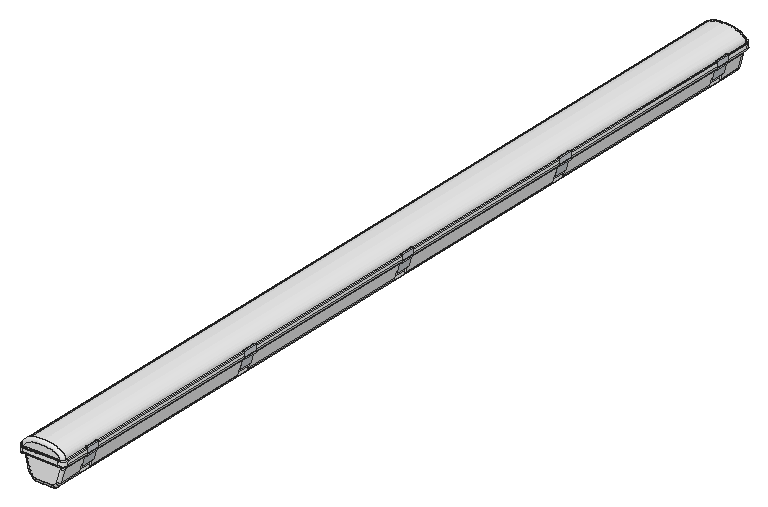
Revit family "0048833 Feilo Sylvania Lighting Fixture HYDROPROOF LED G3 1500MM S 4K QC D", category Lighting Fixtures, host Face, Revit 2016
Family settings
  Host = Face
  Part Type = Normal
  Round Connector Dimension = Use Diameter
  OmniClass Number = 23.80.70.11.14
  OmniClass Title = General Luminaries, Directional
  Cut with Voids When Loaded = No
  Light Source = Yes
  Shared = No
  Room Calculation Point = No
Parameters (values of type "0048833 HYDROPROOF LED G3 1500MM S 4K QC D")
  Width = 84 mm
  Weight = "2.33 kg"
  Wattage Comments = "n/a"
  Wattage = 31 W
  WarrantyStartDate [instance] = "n/a"
  WarrantyGuarantorParts = "n/a"
  WarrantyDurationUnit = "n/a"
  WarrantyDurationParts = "n/a"
  WarrantyDescription = "n/a"
  built-in parameter 1150110 = 1 (stored number, unit not read)
  Voltage = 230 V
  URL = "http://www.sylvania-lighting.com"
  TypeName = "HYDROPROOF LED G3 1500MM S 4K QC D"
  Type Image = <None>
  Type Comments = "n/a"
  built-in parameter 1114217 = 1 (stored number, unit not read)
  Tilt Angle = -90.00°
  built-in parameter 1150109 = 1 (stored number, unit not read)
  built-in parameter 1150134 = 12
  built-in parameter 1150113 = 1 (stored number, unit not read)
  SerialNumber [instance] = "n/a"
  ReflectorMaterial = none
  PowerFactor = 0
  PowerConsumption = "31 W"
  Photometric Web File = "0048833.ies"
  NominalWidth = 0 mm
  NominalLength = 1578 mm
  NominalHeight = 75 mm
  Name = "HYDROPROOF LED G3 1500MM S 4K QC D"
  ModelReference = "HYDROPROOF LED G3 1500MM S 4K QC D"
  ModelNumber = "0048833"
  Model = "HYDROPROOF LED G3 1500MM S 4K QC D"
  Material = "grp housing, pmma diffuser"
  ManufacturerName = "Feilo Sylvania"
  Manufacturer = "Feilo Sylvania"
  LuminousEfficacy = "160 lm/W"
  built-in parameter 1150105 = 394.7 (stored number, unit not read)
  Lumens = 4960 lm
  LuminaireType = ""
  built-in parameter 1150115 = 1 (stored number, unit not read)
  LightOutputRatio = "n/a"
  built-in parameter 1150137 = (empty or 0)
  built-in parameter 1150139 = (empty or 0)
  Length = 1572 mm
  LampsType = Lamp  # "LED"
  LampNominalLuminous = "4950 lm"
  LampMacAdamStep = "3"
  LampColourTemperature = "4000 K"
  LampColourRenderingIndex = "80"
  built-in parameter 1150112 = 1 (stored number, unit not read)
  built-in parameter 1150114 = 1 (stored number, unit not read)
  Lamp = "LED"
  Keynote = "16500"
  InstallationDate [instance] = "n/a"
  InputVoltage = "220-240V~"
  InputNominalFrequency = "DC/50/60 Hz"
  built-in parameter 1150132 = (empty or 0)
  built-in parameter 1150102 = (empty or 0)
  built-in parameter 1150107 = 4000 (stored number, unit not read)
  built-in parameter 1150138 = (empty or 0)
  IngressProtection = "IP65"
  ImpactProtectionIndex = "IK02"
  built-in parameter 1150106 = 3.947 (stored number, unit not read)
  IfcExportType = "IfcLightFixtureType"
  IfcExportAs = "IfcLightFixtureType"
  ExpectedLife = 50000
  Emit from Rectangle Width = Width - 20 mm  # 64 mm
  Emit from Rectangle Length = Length - 20 mm  # 1552 mm
  Emit Shape Visible in Rendering = no
  ElectricShockClassification = "Class I"
  built-in parameter 1150104 = 14.864 (stored number, unit not read)
  DurationUnit = "hours"
  DocumentationLiterature = "http://www.sylvania-lighting.com/product/en-int/products/0048833"
  DimmingControlOptions = "Dimmable"
  Dimming Lamp Color Temperature Shift = <None>
  DiffuserMaterial = Diffuser-Sylvania-Transparent
  Description = "Hydroproof, integrated LED chemical resistant weatherproof luminaire with quick connector, with UV stabilized flat diffuser and linear prisms designed to achieve uniform lit appearance, optimise light output and to reduce glare, stainless steel diffuser clips and fixing brackets for surface and wall mounting. L 1578 mm x W 84 mm x H 75 mm size, GRP housing, PMMA diffuser, DALI dimmable, 4000K, CRI80,  4950 lm, 31 W, 160 lm/W, nominal average life (h):50000, energy class: A++ A+ A Class I,IK02, IP65."
  Default Elevation = 1219.2 mm
  CreatedOn = "3/27/2018"
  CreatedBy = "aron.fodor@feilosylvania.com"
  Cost = 0
  Color Filter = 16777215
  built-in parameter 1114216 [instance] = (empty or 0)
  ClassificationValue = "EF_70_80"
  ClassificationName = "Uniclass2015"
  BodyMaterial = Body-Sylvania-Gray
  BarCode [instance] = "n/a"
  built-in parameter 1114218 = 1 (stored number, unit not read)
  built-in parameter 1150133 = 10 (stored number, unit not read)
  AssetType = "Fixed"
  AssetIdentifier [instance] = "n/a"
  Assembly Code = "D5020200"
  Apparent Load = 31 VA
  AccessoryMaterial = Diffuser-Sylvania-Glow
Reference planes
  plane 1 "Center (Front/Back)": y = 0
  plane 2: z = 0
  plane 3 "Center (Left/Right)": x = 0
  plane 4: z = 54
  plane 5: x = -14.7
  plane 6: x = -21.8
  plane 7: x = -26.6
  plane 8: x = -29.2
  plane 9: z = 3
  plane 10: z = 7.8
  plane 11: z = 12.3
  plane 12: z = 36.6
  plane 13: z = 42.8
  plane 14: x = -38.1
  plane 15: z = 46.2
  plane 16: x = -42
  plane 17: y = 786
  plane 18: y = -786
  plane 19: x = 14.7
  plane 20: x = 21.8
  plane 21: x = 26.6
  plane 22: x = 29.2
  plane 23: x = 38.1
  plane 24: x = 42
  plane 25: y = 778.4
  plane 26: y = -778.4
  plane 27: y = -774.7
  plane 28: y = 774.7
  plane 29: z = 74
  plane 30: x = -38.5
  plane 31: x = 38.5
  plane 32: z = 55.2
  plane 33: y = -782.5
  plane 34: y = 782.5
  plane 35: x = -24.5
  plane 36: x = 24.5
  plane 37: x = -35.7
  plane 38: x = 35.7
  plane 39: z = 50.2
  plane 40: z = 24.6
  plane 41: y = -720
  plane 42: y = -734
  plane 43: y = -706
  plane 44: y = 720
  plane 45: y = -720
  plane 46: y = -734
  plane 47: y = -706
  plane 48: y = 720
  plane 49: y = 706
  plane 50: y = 734
  plane 51: y = -360
  plane 52: y = -374
  plane 53: y = -346
  plane 54: y = 0
  plane 55: y = -14
  plane 56: y = 14
  plane 57: y = 360
  plane 58: y = 346
  plane 59: y = 374
Forms (mm)
  Sweep 1, solid, material "Body-Sylvania-Gray" <- "BodyMaterial", detail levels medium+fine
    path origin (1223.4, -4572, 54) x (0, -1, 0) y (1, 0, 0)
      loop
        arc (-3796, -1265.4) -> (-3788.929, -1262.471) -> (-3786, -1255.4) r 10
        line (-3786, -1255.4) -> (-3786, -1191.4)
        arc (-3786, -1191.4) -> (-3788.929, -1184.329) -> (-3796, -1181.4) r 10
        line (-3796, -1181.4) -> (-5348, -1181.4)
        arc (-5348, -1181.4) -> (-5355.071, -1184.329) -> (-5358, -1191.4) r 10
        line (-5358, -1191.4) -> (-5358, -1255.4)
        arc (-5358, -1255.4) -> (-5355.071, -1262.471) -> (-5348, -1265.4) r 10
        line (-5348, -1265.4) -> (-3796, -1265.4)
    profile origin (-42, 0, 54) x (-1, 0, 0) y (0, 0, 1)
      loop
        line (0, 0) -> (-1, 0) -> (-1, -7.726)
        arc (-1, -7.726) -> (-1.994, -9.498) -> (-3.9, -10.2) r 2.937
        line (-3.9, -10.2) -> (-8.571, -10.2) -> (-8.571, -11.2) -> (-3.9, -11.2)
        arc (-3.9, -11.2) -> (-1.313, -10.231) -> (0, -7.8) r 3.937
        line (0, -7.8) -> (0, 0)
  Sweep 2, solid, material "Body-Sylvania-Gray" <- "BodyMaterial", detail levels medium+fine
    path origin (0, 0, 0) x (1, 0, 0) y (0, 0, 1)
      loop
        line (35.7, 42.8) -> (35.7, 36.6) -> (29.203, 12.31)
        arc (29.203, 12.31) -> (28.199, 9.884) -> (26.6, 7.8) r 10.052
        line (26.6, 7.8) -> (21.8, 3)
        arc (21.8, 3) -> (18.554, 0.781) -> (14.7, 0) r 9.902
        line (14.7, 0) -> (0, 0) -> (-14.7, 0)
        arc (-14.7, 0) -> (-18.554, 0.781) -> (-21.8, 3) r 9.902
        line (-21.8, 3) -> (-26.6, 7.8)
        arc (-26.6, 7.8) -> (-28.199, 9.884) -> (-29.203, 12.31) r 10.052
        line (-29.203, 12.31) -> (-35.7, 36.6) -> (-35.7, 42.8)
    profile origin (0, 0, 0) x (0, 0, -1) y (0, -1, 0)
      loop
        arc (0, 773.4) -> (-1.464, 776.936) -> (-5, 778.4) r 5
        line (-5, 778.4) -> (-7.8, 778.4) -> (-7.8, -778.4) -> (-5, -778.4)
        arc (-5, -778.4) -> (-1.464, -776.936) -> (0, -773.4) r 5
        line (0, -773.4) -> (0, 773.4)
  Extrusion 3, solid, material "Body-Sylvania-Gray" <- "BodyMaterial", detail levels medium+fine
    sketch origin (1524, 778.4, 1219.2) x (1, 0, 0) y (0, 0, 1)
      loop
        arc (-1545.668, -1204.874) -> (-1545.443, -1205.418) -> (-1545.085, -1205.885) r 2.252
        line (-1545.085, -1205.885) -> (-1540.231, -1210.738)
        arc (-1540.231, -1210.738) -> (-1539.534, -1211.227) -> (-1538.7, -1211.4) r 2.102
        line (-1538.7, -1211.4) -> (-1509.3, -1211.4)
        arc (-1509.3, -1211.4) -> (-1508.466, -1211.227) -> (-1507.769, -1210.738) r 2.102
        line (-1507.769, -1210.738) -> (-1502.915, -1205.885)
        arc (-1502.915, -1205.885) -> (-1502.557, -1205.418) -> (-1502.332, -1204.874) r 2.252
        line (-1502.332, -1204.874) -> (-1496.1, -1181.575) -> (-1496.1, -1176.4) -> (-1551.9, -1176.4) -> (-1551.9, -1181.575) -> (-1545.668, -1204.874)
    from 0 to 1556.8
  Sweep 4, solid, material "Diffuser-Sylvania-Transparent" <- "DiffuserMaterial", detail levels medium+fine
    path origin (0, 0, 0) x (1, 0, 0) y (0, 0, 1)
      loop
        spline (-38.5, 55.2) -> (-37.188, 60.066) -> (-33.342, 64.6) -> (-27.224, 68.494) -> (-19.25, 71.481) -> (-9.965, 73.359) -> (0, 74) -> (9.965, 73.359) -> (19.25, 71.481) -> (27.224, 68.494) -> (33.342, 64.6) -> (37.188, 60.066) -> (38.5, 55.2)
    profile origin (38.5, 0, 55.2) x (0, -1, 0) y (1, 0, 0)
      loop
        arc (782.5, -5.5) -> (780.889, -1.611) -> (777, 0) r 5.5
        line (777, 0) -> (-777, 0)
        arc (-777, 0) -> (-780.889, -1.611) -> (-782.5, -5.5) r 5.5
        line (-782.5, -5.5) -> (-782.5, -6.3) -> (-781.5, -6.3) -> (-781.5, -5.5)
        arc (-781.5, -5.5) -> (-780.182, -2.318) -> (-777, -1) r 4.5
        line (-777, -1) -> (777, -1)
        arc (777, -1) -> (780.182, -2.318) -> (781.5, -5.5) r 4.5
        line (781.5, -5.5) -> (781.5, -6.347) -> (782.5, -6.347) -> (782.5, -5.5)
  Extrusion 5, solid, material "Diffuser-Sylvania-Transparent" <- "DiffuserMaterial", detail levels medium+fine
    sketch origin (1524, -782.5, 1219.2) x (1, 0, 0) y (0, 0, 1)
      loop
        line (-1556.653, -1164) -> (-1491.347, -1164)
        spline (-1491.347, -1164) -> (-1491.939, -1161.945) -> (-1494.434, -1159.066) -> (-1499.342, -1155.96) -> (-1506.338, -1153.35) -> (-1514.799, -1151.648) -> (-1524, -1151.047) -> (-1533.201, -1151.648) -> (-1541.662, -1153.35) -> (-1548.658, -1155.96) -> (-1553.566, -1159.066) -> (-1556.061, -1161.945) -> (-1556.653, -1164)
    from 0 to -1
  Extrusion 6, solid, material "Diffuser-Sylvania-Transparent" <- "DiffuserMaterial", detail levels medium+fine
    sketch origin (1524, 782.5, 1219.2) x (1, 0, 0) y (0, 0, 1)
      loop
        spline (-1491.3, -1164) -> (-1491.898, -1161.922) -> (-1494.404, -1159.03) -> (-1499.322, -1155.918) -> (-1506.325, -1153.305) -> (-1514.793, -1151.602) -> (-1524, -1151) -> (-1533.207, -1151.602) -> (-1541.675, -1153.305) -> (-1548.678, -1155.918) -> (-1553.596, -1159.03) -> (-1556.102, -1161.922) -> (-1556.7, -1164)
        line (-1556.7, -1164) -> (-1491.3, -1164)
    from 0 to 1
  Extrusion 7, solid, material "Diffuser-Sylvania-Glow" <- "AccessoryMaterial", detail levels fine
    sketch origin (0, 0, 0) x (1, 0, 0) y (0, 0, 1)
      loop
        circle (0, 50.2) r 8
    from -774.7 to 774.7
  Extrusion 8, void
    sketch origin (0, -720, 2343.807) x (0, 0, -1) y (-1, 0, 0)
      loop
        line (2340.807, -24.5) -> (2331.507, -24.5) -> (2319.207, -29.2) -> (2319.207, -35.7) -> (2340.807, -35.7) -> (2340.807, -24.5)
      loop
        line (2340.807, 24.5) -> (2340.807, 35.7) -> (2319.207, 35.7) -> (2319.207, 29.2) -> (2331.507, 24.5) -> (2340.807, 24.5)
    from 14 to -14
  Extrusion 9, void, not visible
    sketch origin (0, -720, 2343.807) x (0, 0, -1) y (-1, 0, 0)
      loop
        line (2340.807, -24.5) -> (2331.507, -24.5) -> (2319.207, -29.2) -> (2319.207, -35.7) -> (2340.807, -35.7) -> (2340.807, -24.5)
      loop
        line (2340.807, 24.5) -> (2340.807, 35.7) -> (2319.207, 35.7) -> (2319.207, 29.2) -> (2331.507, 24.5) -> (2340.807, 24.5)
    from 14 to -14
  Extrusion 10, void
    sketch origin (0, 720, 2343.807) x (0, 0, -1) y (-1, 0, 0)
      loop
        line (2340.807, -24.5) -> (2331.507, -24.5) -> (2319.207, -29.2) -> (2319.207, -35.7) -> (2340.807, -35.7) -> (2340.807, -24.5)
      loop
        line (2340.807, 24.5) -> (2340.807, 35.7) -> (2319.207, 35.7) -> (2319.207, 29.2) -> (2331.507, 24.5) -> (2340.807, 24.5)
    from 14 to -14
  Extrusion 11, void
    sketch origin (0, -360, 2343.807) x (0, 0, -1) y (-1, 0, 0)
      loop
        line (2340.807, -24.5) -> (2331.507, -24.5) -> (2319.207, -29.2) -> (2319.207, -35.7) -> (2340.807, -35.7) -> (2340.807, -24.5)
      loop
        line (2340.807, 24.5) -> (2340.807, 35.7) -> (2319.207, 35.7) -> (2319.207, 29.2) -> (2331.507, 24.5) -> (2340.807, 24.5)
    from 14 to -14
  Extrusion 12, void
    sketch origin (0, 0, 2343.807) x (0, 0, -1) y (-1, 0, 0)
      loop
        line (2340.807, -24.5) -> (2331.507, -24.5) -> (2319.207, -29.2) -> (2319.207, -35.7) -> (2340.807, -35.7) -> (2340.807, -24.5)
      loop
        line (2340.807, 24.5) -> (2340.807, 35.7) -> (2319.207, 35.7) -> (2319.207, 29.2) -> (2331.507, 24.5) -> (2340.807, 24.5)
    from 14 to -14
  Extrusion 13, void
    sketch origin (0, 360, 2343.807) x (0, 0, -1) y (-1, 0, 0)
      loop
        line (2340.807, -24.5) -> (2331.507, -24.5) -> (2319.207, -29.2) -> (2319.207, -35.7) -> (2340.807, -35.7) -> (2340.807, -24.5)
      loop
        line (2340.807, 24.5) -> (2340.807, 35.7) -> (2319.207, 35.7) -> (2319.207, 29.2) -> (2331.507, 24.5) -> (2340.807, 24.5)
    from 14 to -14
  Extrusion 14, solid, material "Diffuser-Sylvania-Transparent" <- "DiffuserMaterial", detail levels medium+fine
    sketch origin (1223.4, -4572, 54) x (0, -1, 0) y (-1, 0, 0)
      loop
        arc (-5348, 1265.4) -> (-5355.071, 1262.471) -> (-5358, 1255.4) r 10
        line (-5358, 1255.4) -> (-5358, 1191.4)
        arc (-5358, 1191.4) -> (-5355.071, 1184.329) -> (-5348, 1181.4) r 10
        line (-5348, 1181.4) -> (-3796, 1181.4)
        arc (-3796, 1181.4) -> (-3788.929, 1184.329) -> (-3786, 1191.4) r 10
        line (-3786, 1191.4) -> (-3786, 1255.4)
        arc (-3786, 1255.4) -> (-3788.929, 1262.471) -> (-3796, 1265.4) r 10
        line (-3796, 1265.4) -> (-5348, 1265.4)
      loop
        arc (-5354.5, 1190.394) -> (-5352.887, 1186.509) -> (-5349, 1184.9) r 5.5
        line (-5349, 1184.9) -> (-3795, 1184.9)
        arc (-3795, 1184.9) -> (-3791.113, 1186.509) -> (-3789.5, 1190.394) r 5.5
        line (-3789.5, 1190.394) -> (-3789.5, 1256.406)
        arc (-3789.5, 1256.406) -> (-3791.113, 1260.291) -> (-3795, 1261.9) r 5.5
        line (-3795, 1261.9) -> (-5349, 1261.9)
        arc (-5349, 1261.9) -> (-5352.887, 1260.291) -> (-5354.5, 1256.406) r 5.5
        line (-5354.5, 1256.406) -> (-5354.5, 1190.394)
    from 0 to -1.2
  Extrusion 15, solid, material "Body-Sylvania-Gray" <- "BodyMaterial", detail levels coarse
    sketch origin (0, 0, 0) x (1, 0, 0) y (0, 0, 1)
      loop
        line (-42, 55.2) -> (-42, 42.8) -> (-26.6, 0) -> (26.6, 0) -> (42, 42.8) -> (42, 55.2) -> (-42, 55.2)
    from -786 to 786
  Extrusion 16, solid, material "Diffuser-Sylvania-Transparent" <- "DiffuserMaterial", detail levels coarse
    sketch origin (0, 0, 0) x (1, 0, 0) y (0, 0, 1)
      loop
        line (-38.5, 55.2) -> (38.5, 55.2)
        arc (38.5, 55.2) -> (0, 74) -> (-38.5, 55.2) r 48.822
    from -778.4 to 778.4
Cuts and joins
  Extrusion 8, Extrusion 10, Extrusion 11, Extrusion 12, Extrusion 13 cuts Sweep 2
  Extrusion 8, Extrusion 10, Extrusion 11, Extrusion 12, Extrusion 13 cuts Extrusion 3
  joined: Sweep 2, Extrusion 3
  joined: Sweep 4, Extrusion 5, Extrusion 6, Extrusion 14
Dimensions and locks
  locked: plane 4 to plane 2 at 54
  plane 5 to plane 6 to plane 7 to plane 8 to plane 14 to plane 16 = 7.1 mm locked, 4.8 mm locked, 2.6 mm locked, 8.9 mm locked, 3.9 mm locked
  plane 4 to plane 15 to plane 13 to plane 12 to plane 11 to plane 10 to plane 9 = 7.8 mm locked, 3.4 mm, 6.2 mm locked, 24.3 mm locked, 4.5 mm locked, 4.8 mm locked
  equal spacing: plane 18, plane 1 "Center (Front/Back)", plane 17
  "Length": plane 18 to plane 17
  plane 19 to plane 20 to plane 21 to plane 22 to plane 23 to plane 24 = 7.1 mm locked, 4.8 mm locked, 2.6 mm locked, 8.9 mm, 3.9 mm
  equal spacing: plane 24, plane 3 "Center (Left/Right)", plane 16
  "Width": plane 24 to plane 16
  equal spacing: plane 27, plane 1 "Center (Front/Back)", plane 28
  locked: plane 26 to plane 27 at 3.7
  locked: Sweep 1 sketch curve to profile plane at 1
  locked: Sweep 1 sketch curve to plane 13 at 1
  locked: Sweep 1 sketch curve to plane 13 at 3.937  (x2)
  locked: Sweep 1 sketch curve to profile plane at 3.9  (x2)
  plane 29 to plane 4 = 20 mm
  equal spacing: plane 31, plane 3 "Center (Left/Right)", plane 30
  locked: plane 30 to plane 16 at 3.5
  locked: plane 32 to plane 4 at 1.2
  equal spacing: plane 33, plane 1 "Center (Front/Back)", plane 34
  equal spacing: plane 36, plane 3 "Center (Left/Right)", plane 35
  locked: plane 34 to plane 17 at 3.5
  equal spacing: plane 38, plane 3 "Center (Left/Right)", plane 37
  locked: plane 37 to plane 16 at 6.3
  equal spacing: plane 25, plane 1 "Center (Front/Back)", plane 26
  locked: plane 17 to plane 25 at 7.6
  locked: Sweep 2 sketch curve to plane 2 at 5  (x2)
  locked: Sweep 2 sketch curve to plane 26 at 5
  locked: plane 25 to Sweep 2 sketch curve at 5
  locked: Sweep 4 sketch curve to plane 31 at 5.5  (x2)
  locked: Sweep 4 sketch curve to plane 34 at 5.5
  plane 33 to Sweep 4 sketch curve = 5.5 mm
  locked: plane 34 to Sweep 4 sketch curve at 1
  locked: Sweep 4 sketch curve to plane 31 at 1
  locked: Sweep 4 sketch curve to Sweep 4 sketch curve at 1
  locked: Sweep 4 sketch curve to plane 31 at 6.347
  locked: Sweep 4 sketch curve to plane 31 at 6.3
  locked: plane 40 to plane 2 at 24.6
  locked: plane 6 to plane 35 at 2.7
  locked: plane 1 "Center (Front/Back)" to plane 41 at 720
  plane 43 to plane 41 to plane 42 = 14 mm locked, 14 mm locked
  locked: plane 44 to plane 1 "Center (Front/Back)" at 720
  plane 47 to plane 45 to plane 46 = 14 mm locked, 14 mm locked
  plane 50 to plane 48 to plane 49 = 14 mm locked, 14 mm locked  (x2)
  equal spacing: group 1, group 6, group 7, group 8, group 5  (x3)
  plane 53 to plane 51 to plane 52 = 14 mm locked, 14 mm locked  (x2)
  plane 56 to plane 54 to plane 55 = 14 mm locked, 14 mm locked  (x2)
  plane 59 to plane 57 to plane 58 = 14 mm locked, 14 mm locked  (x2)
  plane 48 to plane 57 to plane 1 "Center (Front/Back)" to plane 51 to plane 41 = 360 mm locked, 360 mm locked, 360 mm locked, 360 mm locked
  aligned and locked: plane 2 to host face
  aligned and locked: level to host face
  aligned and locked: plane 16 to Sweep 1 sketch curve
  aligned and locked: Sweep 1 sketch curve to plane 24
  aligned and locked: plane 18 to Sweep 1 sketch curve
  aligned and locked: Sweep 1 sketch curve to plane 13
  aligned and locked: profile plane to Sweep 1 sketch curve
  aligned and locked: plane 3 "Center (Left/Right)" to Sweep 2 sketch curve
  aligned and locked: plane 9 to Sweep 2 sketch curve
  aligned and locked: plane 10 to Sweep 2 sketch curve
  aligned and locked: plane 37 to Sweep 2 sketch curve
  aligned and locked: plane 12 to Sweep 2 sketch curve
  aligned and locked: Sweep 2 sketch curve to level
  aligned and locked: plane 21 to Sweep 2 sketch curve
  aligned and locked: plane 38 to Sweep 2 sketch curve
  aligned and locked: profile plane to Sweep 2 sketch curve
  aligned and locked: plane 25 to Sweep 2 sketch curve
  aligned and locked: Sweep 2 sketch curve to plane 10
  aligned and locked: Extrusion 3 sketch curve to Sweep 2  (x7)
  aligned and locked: Sweep 2 to Extrusion 3 sketch curve
  aligned and locked: Extrusion 3 to plane 25
  aligned and locked: plane 26 to Extrusion 3
  aligned and locked: plane 32 to Sweep 4 sketch curve
  aligned and locked: plane 33 to Sweep 4 sketch curve
  aligned and locked: Sweep 4 to Extrusion 5
  aligned and locked: plane 33 to Extrusion 5
  aligned and locked: plane 39 to Extrusion 7 sketch curve
  aligned and locked: plane 27 to Extrusion 7
  aligned and locked: Extrusion 7 to plane 28
  aligned and locked: Extrusion 6 sketch curve to Sweep 4
  aligned and locked: Extrusion 5 sketch curve to Sweep 4
  aligned and locked: Extrusion 8 to plane 43
  aligned and locked: plane 42 to Extrusion 8
  aligned and locked: Extrusion 10 to plane 50
  aligned and locked: plane 49 to Extrusion 10
  aligned and locked: Extrusion 11 to plane 53
  aligned and locked: plane 52 to Extrusion 11
  aligned and locked: Extrusion 12 to plane 56
  aligned and locked: plane 55 to Extrusion 12
  aligned and locked: Extrusion 13 to plane 59
  aligned and locked: plane 58 to Extrusion 13
  aligned and locked: plane 3 "Center (Left/Right)" to Extrusion 7 sketch curve
  aligned and locked: Extrusion 14 sketch curve to Sweep 1  (x4)
  aligned and locked: Extrusion 14 to plane 32
  aligned and locked: plane 4 to Extrusion 14
  aligned and locked: plane 48 to nested 1
  aligned and locked: plane 57 to nested 2
  aligned and locked: plane 54 to nested 3
  aligned and locked: nested 4 to plane 51
  aligned and locked: nested 5 to plane 41
  aligned and locked: plane 41 to nested 10
  aligned and locked: plane 51 to nested 9
  aligned and locked: plane 54 to nested 8
  aligned and locked: plane 57 to nested 7
  aligned and locked: plane 48 to nested 6
  aligned and locked: plane 1 "Center (Front/Back)" to imposter light
  aligned and locked: plane 3 "Center (Left/Right)" to imposter light
  aligned and locked: imposter light to plane 29
  aligned and locked: plane 7 to Extrusion 15 sketch curve
  aligned and locked: plane 2 to Extrusion 15 sketch curve
  aligned and locked: Extrusion 15 sketch curve to nested 6
  aligned and locked: Extrusion 15 sketch curve to nested 1
  aligned and locked: plane 18 to Extrusion 15
  aligned and locked: Extrusion 15 to plane 17
  aligned and locked: Extrusion 15 to Sweep 1  (x2)
  aligned and locked: plane 30 to Extrusion 16 sketch curve
  aligned and locked: plane 31 to Extrusion 16 sketch curve
  aligned and locked: Extrusion 16 sketch curve to cut or joined group of Sweep 4, Extrusion 5, Extrusion 6, Extrusion 14
  aligned and locked: Extrusion 16 to plane 25
  aligned and locked: plane 26 to Extrusion 16
Automatic sketch dimensions
  host sketch curve to host sketch curve = 2438.4 mm  (x2)
  plane 17 to Sweep 1 sketch curve = 0 mm
  Sweep 1 sketch curve to plane 28 = 1.3 mm
  Sweep 1 sketch curve to plane 7 = 5.4 mm
  plane 27 to Sweep 1 sketch curve = 1.3 mm  (x2)
  Sweep 1 sketch curve to Sweep 1 sketch curve = 4.671 mm
  Sweep 1 sketch curve to plane 4 = 0 mm
  Sweep 2 sketch curve to plane 7 = 0 mm
  Sweep 2 sketch curve to plane 6 = 0 mm
  Sweep 2 sketch curve to plane 5 = 0 mm
  plane 19 to Sweep 2 sketch curve = 0 mm
  Sweep 2 sketch curve to plane 9 = 0 mm
  plane 20 to Sweep 2 sketch curve = 0 mm
  Sweep 2 sketch curve to plane 12 = 0 mm
  Sweep 2 sketch curve to plane 10 = 0 mm
  Sweep 2 sketch curve to plane 13 = 0 mm  (x2)
  Sweep 2 sketch curve to plane 8 = 0.003 mm
  plane 6 to Sweep 2 sketch curve = 2.308 mm
  plane 20 to Sweep 2 sketch curve = 2.308 mm
  Sweep 2 sketch curve to plane 22 = 0.003 mm
  Sweep 2 sketch curve to plane 11 = 0.01 mm  (x2)
  Extrusion 3 sketch curve to plane 5 = 0 mm
  plane 19 to Extrusion 3 sketch curve = 0 mm
  plane 6 to Extrusion 3 sketch curve = 0.132 mm
  plane 6 to Extrusion 3 sketch curve = 0.715 mm
  Extrusion 3 sketch curve to Extrusion 3 sketch curve = 1.592 mm
  Extrusion 3 sketch curve to plane 10 = 0.662 mm  (x2)
  plane 20 to Extrusion 3 sketch curve = 2.308 mm
  plane 20 to Extrusion 3 sketch curve = 0.715 mm
  plane 20 to Extrusion 3 sketch curve = 0.132 mm
  Sweep 4 sketch curve to plane 30 = 0 mm
  Sweep 4 sketch curve to plane 3 "Center (Left/Right)" = 0 mm
  Sweep 4 sketch curve to Sweep 4 sketch curve = 0 mm  (x2)
  plane 37 to Extrusion 6 sketch curve = 3 mm
  Extrusion 6 sketch curve to plane 38 = 3 mm
  plane 37 to Extrusion 5 sketch curve = 3.047 mm
  Extrusion 5 sketch curve to plane 38 = 3.047 mm
  Extrusion 8 sketch curve to Extrusion 8 sketch curve = 0 mm
  Extrusion 8 sketch curve to Extrusion 8 sketch curve = 12.3 mm  (x2)
  Extrusion 8 sketch curve to Extrusion 8 sketch curve = 9.3 mm  (x2)
  Extrusion 8 sketch curve to Extrusion 8 sketch curve = 6.5 mm  (x2)
  Extrusion 8 sketch curve to Extrusion 8 sketch curve = 4.7 mm  (x2)
  Extrusion 8 sketch curve to Extrusion 8 sketch curve = 49 mm
  Extrusion 9 sketch curve to Extrusion 9 sketch curve = 0 mm
  Extrusion 9 sketch curve to Extrusion 9 sketch curve = 12.3 mm  (x2)
  Extrusion 9 sketch curve to Extrusion 9 sketch curve = 9.3 mm  (x2)
  Extrusion 9 sketch curve to Extrusion 9 sketch curve = 6.5 mm  (x2)
  Extrusion 9 sketch curve to Extrusion 9 sketch curve = 4.7 mm  (x2)
  Extrusion 9 sketch curve to Extrusion 9 sketch curve = 49 mm
  Extrusion 10 sketch curve to Extrusion 10 sketch curve = 0 mm
  Extrusion 10 sketch curve to Extrusion 10 sketch curve = 12.3 mm  (x2)
  Extrusion 10 sketch curve to Extrusion 10 sketch curve = 9.3 mm  (x2)
  Extrusion 10 sketch curve to Extrusion 10 sketch curve = 6.5 mm  (x2)
  Extrusion 10 sketch curve to Extrusion 10 sketch curve = 4.7 mm  (x2)
  Extrusion 10 sketch curve to Extrusion 10 sketch curve = 49 mm
  Extrusion 11 sketch curve to Extrusion 11 sketch curve = 0 mm
  Extrusion 11 sketch curve to Extrusion 11 sketch curve = 12.3 mm  (x2)
  Extrusion 11 sketch curve to Extrusion 11 sketch curve = 9.3 mm  (x2)
  Extrusion 11 sketch curve to Extrusion 11 sketch curve = 6.5 mm  (x2)
  Extrusion 11 sketch curve to Extrusion 11 sketch curve = 4.7 mm  (x2)
  Extrusion 11 sketch curve to Extrusion 11 sketch curve = 49 mm
  Extrusion 12 sketch curve to Extrusion 12 sketch curve = 0 mm
  Extrusion 12 sketch curve to Extrusion 12 sketch curve = 12.3 mm  (x2)
  Extrusion 12 sketch curve to Extrusion 12 sketch curve = 9.3 mm  (x2)
  Extrusion 12 sketch curve to Extrusion 12 sketch curve = 6.5 mm  (x2)
  Extrusion 12 sketch curve to Extrusion 12 sketch curve = 4.7 mm  (x2)
  Extrusion 12 sketch curve to Extrusion 12 sketch curve = 49 mm
  Extrusion 13 sketch curve to Extrusion 13 sketch curve = 0 mm
  Extrusion 13 sketch curve to Extrusion 13 sketch curve = 12.3 mm  (x2)
  Extrusion 13 sketch curve to Extrusion 13 sketch curve = 9.3 mm  (x2)
  Extrusion 13 sketch curve to Extrusion 13 sketch curve = 6.5 mm  (x2)
  Extrusion 13 sketch curve to Extrusion 13 sketch curve = 4.7 mm  (x2)
  Extrusion 13 sketch curve to Extrusion 13 sketch curve = 49 mm
  Extrusion 14 sketch curve to plane 34 = 0 mm
  plane 30 to Extrusion 14 sketch curve = 0 mm
  Extrusion 14 sketch curve to plane 31 = 0 mm
  plane 33 to Extrusion 14 sketch curve = 0 mm
  plane 25 to Extrusion 14 sketch curve = 1.4 mm  (x4)
  Extrusion 14 sketch curve to plane 26 = 1.4 mm  (x4)
  plane 37 to Extrusion 14 sketch curve = 2.694 mm  (x2)
  Extrusion 14 sketch curve to plane 38 = 2.694 mm  (x2)
  plane 21 to Extrusion 15 sketch curve = 0 mm
  Extrusion 15 sketch curve to plane 13 = 0 mm  (x2)
  Extrusion 15 sketch curve to plane 32 = 0 mm
  Extrusion 16 sketch curve to plane 40 = 0.578 mm
  radius of Extrusion 7 sketch curve = 8 mm
Nested families
  nested 1: "Clip" at (-29.2, 720, 24.6) x (-1, 0, 0) z (0, 0, 1), type "Clip", detail levels fine
  nested 2: "Clip" at (-29.2, 360, 24.6) x (-1, 0, 0) z (0, 0, 1), type "Clip", detail levels fine
  nested 3: "Clip" at (-29.2, 0, 24.6) x (-1, 0, 0) z (0, 0, 1), type "Clip", detail levels fine
  nested 4: "Clip" at (-29.2, -360, 24.6) x (-1, 0, 0) z (0, 0, 1), type "Clip", detail levels fine
  nested 5: "Clip" at (-29.2, -720, 24.6) x (-1, 0, 0) z (0, 0, 1), type "Clip", detail levels fine
  nested 6: "Clip" at (29.2, 720, 24.6), type "Clip", detail levels fine
  nested 7: "Clip" at (29.2, 360, 24.6), type "Clip", detail levels fine
  nested 8: "Clip" at (29.2, 0, 24.6), type "Clip", detail levels fine
  nested 9: "Clip" at (29.2, -360, 24.6), type "Clip", detail levels fine
  nested 10: "Clip" at (29.2, -720, 24.6), type "Clip", detail levels fine
Connectors
  electrical at (0, 0, 0), driven by "Apparent Load"
    settings: index 1, voltage 230 V, apparent load 31 VA, apparent load phase1 0 VA, apparent load phase2 0 VA, apparent load phase3 0 VA, power factor 0, load classification "Lighting", number of poles 1, system type 30, power factor state 1, is connector primary yes, connector utility no, sub classification motor no, connector description ""
Definition of nested family "Clip"
  Parameters (values of type "Clip")
    URL = "http://www.feilosylvania.com"
    Type Comments = "n/a"
    Model = "n/a"
    Manufacturer = "Feilo Sylvania"
    Keynote = "n/a"
    Description = "n/a"
    Default Elevation = 1219.2 mm
    Cost = 0
    BodyMaterial = none
    Assembly Code = "n/a"
  Reference planes
    plane 1 "Center (Front/Back)": y = 0
    plane 2: z = 0
    plane 3 "Center (Left/Right)": x = 0
    plane 4: x = 3.3
    plane 5: x = 6.5
    plane 6: x = 8.9
    plane 7: x = 12.8
    plane 8: z = 12
    plane 9: z = 18.2
    plane 10: z = 21.6
    plane 11: z = 30.6
    plane 12: x = 9.3
    plane 13: z = 19.2
    plane 14: z = 16.2
    plane 15: x = 10.1
    plane 16: y = 12
    plane 17: y = -12
  Forms (mm)
    Extrusion 1, solid
      sketch origin (-0.8, 0, 0) x (1, 0, 0) y (0, 1, 0)
        loop
          line (-1219.2, 1219.2) -> (-1219.2, -1219.2) -> (1219.2, -1219.2) -> (1219.2, 1219.2) -> (-1219.2, 1219.2)
      from 0 to -304.8
    Extrusion 2, solid
      sketch origin (0, 0, 0) x (1, 0, 0) y (0, 0, 1)
        loop
          line (8.9, 16.2) -> (4.58, 0) -> (0, 0) -> (0, -0.8) -> (5.195, -0.8) -> (9.603, 15.731) -> (13.6, 18.806) -> (13.6, 30.6)
          arc (13.6, 30.6) -> (11.45, 32.75) -> (9.3, 30.6) r 2.15
          line (9.3, 30.6) -> (10.1, 30.6)
          arc (10.1, 30.6) -> (11.45, 31.95) -> (12.8, 30.6) r 1.35
          line (12.8, 30.6) -> (12.8, 19.2) -> (8.9, 16.2)
      from -12 to 12
  Lines and regions (mm)
    reference lines
      curve 1: line (3.3, 0, 0) -> (6.5, 0, 12)
      curve 2: arc (8.9, 0, 18.2) -> (11.488, 0, 19.169) -> (12.8, 0, 21.6) r 3.934
  Dimensions and locks
    plane 7 to plane 6 to plane 5 to plane 4 to plane 3 "Center (Left/Right)" = 3.9 mm locked, 2.4 mm locked, 3.2 mm locked, 3.3 mm locked
    plane 11 to plane 10 to plane 9 to plane 8 to plane 2 = 9 mm locked, 3.4 mm locked, 6.2 mm locked, 12 mm locked
    locked: plane 7 to plane 12 at 3.5
    locked: plane 13 to plane 9 at 1
    locked: plane 9 to plane 14 at 2
    locked: plane 15 to plane 12 at 0.8
    locked: plane 2 to Extrusion 2 sketch curve at 0.8
    locked: Extrusion 2 sketch curve to Extrusion 2 sketch curve at 0.8  (x3)
    locked: plane 7 to Extrusion 2 sketch curve at 1.35
    equal spacing: plane 17, plane 1 "Center (Front/Back)", plane 16
    locked: plane 1 "Center (Front/Back)" to plane 16 at 12
    aligned and locked: plane 2 to Extrusion 1
    aligned and locked: level to Extrusion 1
    aligned and locked: plane 4 to curve 1
    aligned and locked: plane 5 to curve 1
    aligned and locked: plane 6 to curve 2
    aligned and locked: plane 10 to curve 2
    aligned and locked: plane 14 to Extrusion 2 sketch curve
    aligned and locked: plane 13 to Extrusion 2 sketch curve
    aligned and locked: plane 7 to Extrusion 2 sketch curve
    aligned and locked: plane 3 "Center (Left/Right)" to Extrusion 2 sketch curve
    aligned and locked: Extrusion 2 sketch curve to level
    aligned and locked: Extrusion 2 sketch curve to plane 11
    aligned and locked: plane 11 to Extrusion 2 sketch curve
    aligned and locked: Extrusion 2 to plane 16
    aligned and locked: plane 17 to Extrusion 2
  Automatic sketch dimensions
    Extrusion 1 sketch curve to Extrusion 1 sketch curve = 2438.4 mm  (x2)
    curve 2 to plane 7 = 0 mm
    curve 1 to level = 0 mm
    curve 1 to plane 8 = 0 mm
    curve 2 to plane 9 = 0 mm
    plane 6 to curve 2 = 0.002 mm
    Extrusion 2 sketch curve to Extrusion 2 sketch curve = 0 mm
    Extrusion 2 sketch curve to plane 6 = 0 mm
    plane 4 to Extrusion 2 sketch curve = 1.28 mm
